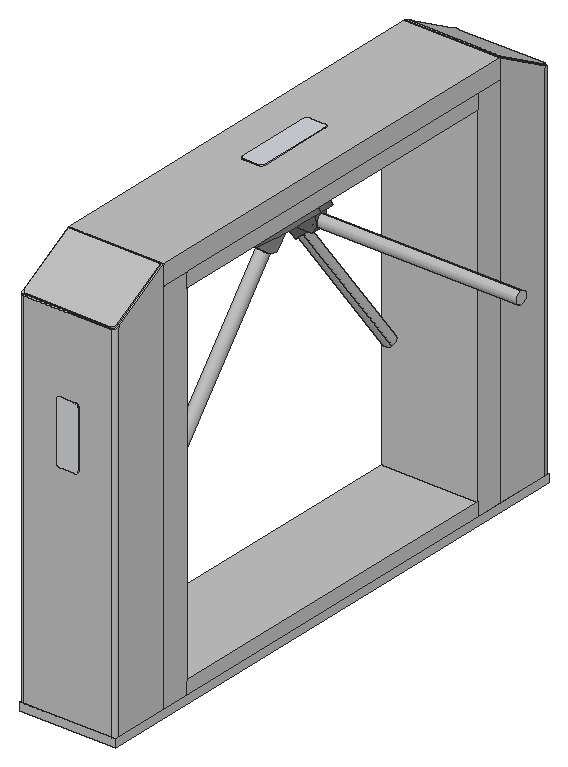
Revit family "ТумбовыйТурникетTTD10AB_Perco", category Оборудование, Revit 2019
Family settings
  Размер круглого соединителя = Использовать диаметр
  Классификация = Нет
  Тип детали = Нормальный
  На основе рабочей плоскости = Нет
  Всегда вертикально = Да
  При загрузке вырезать с полостями = Нет
  Общий = Да
  Точка расчета площади = Нет
Parameters (values of type "TTD10AB C-10R/C-10R")
  Ширина зоны прохода = 560 mm  # constant formula
  Ширина = 1361 mm
  Тип первой крышки = КрышкиТурникетаTTD10AB_Perco : PERCo-C-10R
  Тип второй крышки = КрышкиТурникетаTTD10AB_Perco : PERCo-C-10R
  Температура использования = "от -20 до +55 С"  # constant formula
  Страна производства = "Россия"  # constant formula
  Стойка_Ширина = 160 mm
  Стойка_Срез_Катет = 83.301 mm
  Степень защиты  IP = "IP55"  # constant formula
  Срок службы = "8 лет"  # constant formula
  Средняя наработка на отказ, проходов = "не менее 4 000 000"  # constant formula
  Разработано = "https://3dbim.pro/"
  Пропускная способность = "30 чел/мин"  # constant formula
  Подключение к электросети = "220В"  # constant formula
  Описание = "Нормально открытый электромеханический турникет, предназначен для работы на открытом воздухе (в стандартном варианте исполнения) и внутри помещения"  # constant formula
  Ограждение_Отступ = 550 mm
  Корпус_Срез_Глубина = 29 mm
  Type Comments = ""
  Класс защиты по IEC 61140 = "III"  # constant formula
  Глубина = 240 mm
  Габаритные размеры = "1361×750×1024"  # constant formula
  Высота_лопасть = 895 mm
  Высота = 1024 mm
  t3 = 166 mm
  t2 = 35.6 mm
  t1 = 50 mm
  L2 = 914 mm
  L1 = 1058 mm
  ADSK_Ток = 7 A  # constant formula
  ADSK_Примечание = ""
  ADSK_Позиция [instance] = ""
  ADSK_Номинальная мощность = 84 W  # constant formula
  ADSK_Напряжение = 12 V  # constant formula
  ADSK_Наименование краткое = "TTD-10А"  # constant formula
  ADSK_Наименование = "Тумбовый турникет-трипод со встроенной электроникой управления и автоматическими планками Антипаника PERCo-TTD-10АВ"  # constant formula
  ADSK_Материал = Нержавеющая сталь
  ADSK_Масса = 100  # constant formula
  ADSK_Марка = "PERCo"  # constant formula
  ADSK_Количество = 1  # constant formula
  ADSK_Код изделия = "PERCo-TTD-10АВ"  # constant formula
  ADSK_Классификация нагрузок = Турникет
  ADSK_Завод-изготовитель = "PERCo"  # constant formula
  ADSK_Единица измерения = "шт."  # constant formula
  ADSK_Версия семейства = "2019"  # constant formula
  ADSK_URL страницы изделия = "https://www.perco.ru/products/tumbovyy-turniket-tripod-ttd-10a.php"
Types (8, lengths in mm): name | Тип первой крышки | Тип второй крышки
  TTD10AB C-10B/C-10Q.1 | КрышкиТурникетаTTD10AB_Perco : PERCo-C-10B | КрышкиТурникетаTTD10AB_Perco : PERCo-C-10Q.1
  TTD10AB C-10B/C-10R | КрышкиТурникетаTTD10AB_Perco : PERCo-C-10B | КрышкиТурникетаTTD10AB_Perco : PERCo-C-10R
  TTD10AB C-10Q.1/C-10Q.1 | КрышкиТурникетаTTD10AB_Perco : PERCo-C-10Q.1 | КрышкиТурникетаTTD10AB_Perco : PERCo-C-10Q.1
  TTD10AB C-10Q.1/C-10R | КрышкиТурникетаTTD10AB_Perco : PERCo-C-10Q.1 | КрышкиТурникетаTTD10AB_Perco : PERCo-C-10R
  TTD10AB C-10R/C-10R | КрышкиТурникетаTTD10AB_Perco : PERCo-C-10R | КрышкиТурникетаTTD10AB_Perco : PERCo-C-10R
  TTD10AB C-10C/C-10B | КрышкиТурникетаTTD10AB_Perco : PERCo-C-10С | КрышкиТурникетаTTD10AB_Perco : PERCo-C-10B
  TTD10AB C-10C/C-10Q.1 | КрышкиТурникетаTTD10AB_Perco : PERCo-C-10С | КрышкиТурникетаTTD10AB_Perco : PERCo-C-10Q.1
  TTD10AB C-10C/C-10R | КрышкиТурникетаTTD10AB_Perco : PERCo-C-10С | КрышкиТурникетаTTD10AB_Perco : PERCo-C-10R
Reference planes
  plane 1 "По центру (Вперед/Назад)": y = 0
  plane 2: z = 0
  plane 3 "По центру (Влево/Вправо)": x = 0
  plane 4: x = 120
  plane 5: x = -120
  plane 6: y = 680.5
  plane 7: y = -680.5
  plane 8: z = 1024
  plane 9: z = 974
  plane 10: z = 938.4
  plane 11: z = 772.4
  plane 12: x = -91
  plane 13: x = 670
  plane 14: z = 895
  plane 15: y = 529
  plane 16: y = -529
  plane 17: y = 457
  plane 18: y = -457
  plane 19: through (0, -529, 1024) normal (0, -0.4918, 0.8707)
  plane 20: through (0, 529, 1024) normal (0, -0.4919, -0.8706)
  plane 21: x = 28.058
  plane 22: x = -28.058
  plane 23: x = 16.942
  plane 24: x = -18.058
  plane 25: x = 28.058
  plane 26: x = -28.058
  plane 27: x = 16.942
  plane 28: x = -18.058
  plane 29: z = 742.4
  plane 30: x = 25.558
  plane 31: x = -30.558
  plane 32: x = 14.442
  plane 33: x = -20.558
  plane 34: y = 104.325
  plane 35: y = -104.325
  plane 36: x = 28.058
  plane 37: x = -28.058
  plane 38: z = 583.075
  plane 39: z = 20
  plane 40: z = 54
Forms (mm)
  Extrusion 1, solid, material "Нержавеющая сталь" <- "ADSK_Материал", detail levels medium+fine
    sketch origin (-120, 364.336, 1200) x (0, 1, 0) y (0, 0, -1)
      loop
        line (164.664, 176) -> (164.664, 226) -> (-893.336, 226) -> (-893.336, 176) -> (164.664, 176)
    from 0 to -240
  Extrusion 2, solid, material "Нержавеющая сталь" <- "ADSK_Материал", detail levels medium+fine
    sketch origin (-120, 364.336, 1200) x (0, 1, 0) y (0, 0, -1)
      loop
        line (92.664, 261.6) -> (-821.336, 261.6) -> (-821.336, 226) -> (92.664, 226) -> (92.664, 261.6)
    from 0 to -240
  Extrusion 3, solid, material "Нержавеющая сталь" <- "ADSK_Материал", detail levels medium+fine
    sketch origin (0, -520.5, 591.591) x (0, 0, 1) y (1, 0, 0)
      loop
        line (346.809, -120) -> (346.809, 120) -> (180.809, -91) -> (180.809, -120) -> (346.809, -120)
    from 63.5 to 977.5
  Extrusion 4, solid, material "Нержавеющая сталь" <- "ADSK_Материал", detail levels medium+fine
    sketch origin (0, 0, -198.4) x (1, 0, 0) y (0, 0, 1)
      loop
        line (-120, 1172.4) -> (-120, 218.4) -> (120, 218.4) -> (120, 1172.4) -> (-120, 1172.4)
    from -529 to -457
  Extrusion 5, solid, material "Нержавеющая сталь" <- "ADSK_Материал", detail levels medium+fine
    sketch origin (20, 0, -198.4) x (1, 0, 0) y (0, 0, 1)
      loop
        line (-140, 1172.4) -> (-140, 218.4) -> (100, 218.4) -> (100, 1172.4) -> (-140, 1172.4)
    from 457 to 529
  Extrusion 6, solid, material "Нержавеющая сталь" <- "ADSK_Материал", detail levels medium+fine
    sketch origin (0, 0, 0) x (1, 0, 0) y (0, 1, 0)
      loop
        line (-120, -529) -> (-120, -670.5)
        arc (-120, -670.5) -> (-117.071, -677.571) -> (-110, -680.5) r 10
        line (-110, -680.5) -> (110, -680.5)
        arc (110, -680.5) -> (117.071, -677.571) -> (120, -670.5) r 10
        line (120, -670.5) -> (120, -529) -> (-120, -529)
    from 20 to 1024
  Extrusion 7, solid, material "Нержавеющая сталь" <- "ADSK_Материал", detail levels medium+fine
    sketch origin (0, 1260, 0) x (1, 0, 0) y (0, 1, 0)
      loop
        arc (-110, -579.5) -> (-117.071, -582.429) -> (-120, -589.5) r 10
        line (-120, -589.5) -> (-120, -731) -> (120, -731) -> (120, -589.5)
        arc (120, -589.5) -> (117.071, -582.429) -> (110, -579.5) r 10
        line (110, -579.5) -> (-110, -579.5)
    from 20 to 1024
  Extrusion 8, void
    sketch origin (0, 0, 0) x (0, 1, 0) y (0, 0, 1)
      loop
        line (-529, 1024) -> (-680.5, 1024) -> (-680.5, 938.4) -> (-529, 1024)
    from -120 to 120
  Extrusion 9, void
    sketch origin (0, 0, 0) x (0, 1, 0) y (0, 0, 1)
      loop
        line (529, 1024) -> (680.5, 938.4) -> (680.5, 1024) -> (529, 1024)
    from -120 to 120
  Extrusion 10, solid, detail levels medium+fine
    sketch origin (0, 0, 75.512) x (1, 0, 0) y (0, 0, 1)
      loop
        line (16.942, 666.888) -> (-18.058, 666.888)
        arc (-18.058, 666.888) -> (-25.129, 663.959) -> (-28.058, 656.888) r 10
        line (-28.058, 656.888) -> (-28.058, 517.563)
        arc (-28.058, 517.563) -> (-25.129, 510.492) -> (-18.058, 507.563) r 10
        line (-18.058, 507.563) -> (16.942, 507.563)
        arc (16.942, 507.563) -> (24.802, 510.819) -> (28.058, 518.679) r 11.117
        line (28.058, 518.679) -> (28.058, 655.771)
        arc (28.058, 655.771) -> (24.802, 663.632) -> (16.942, 666.888) r 11.117
    from -682.019 to -680.5
  Extrusion 11, solid, detail levels fine
    sketch origin (0, 0, 86.862) x (1, 0, 0) y (0, 0, 1)
      loop
        line (16.942, 655.538) -> (-18.058, 655.538)
        arc (-18.058, 655.538) -> (-25.129, 652.609) -> (-28.058, 645.538) r 10
        line (-28.058, 645.538) -> (-28.058, 506.213)
        arc (-28.058, 506.213) -> (-25.129, 499.142) -> (-18.058, 496.213) r 10
        line (-18.058, 496.213) -> (16.942, 496.213)
        arc (16.942, 496.213) -> (24.802, 499.469) -> (28.058, 507.329) r 11.117
        line (28.058, 507.329) -> (28.058, 644.421)
        arc (28.058, 644.421) -> (24.802, 652.282) -> (16.942, 655.538) r 11.117
    from 680.5 to 681.67
  Extrusion 12, solid, detail levels medium+fine
    sketch origin (-2.5, 580.063, 1325.111) x (0, -1, 0) y (1, 0, 0)
      loop
        arc (684.388, 19.442) -> (681.132, 27.302) -> (673.271, 30.558) r 11.117
        line (673.271, 30.558) -> (486.854, 30.558)
        arc (486.854, 30.558) -> (478.994, 27.302) -> (475.738, 19.442) r 11.117
        line (475.738, 19.442) -> (475.738, -15.558)
        arc (475.738, -15.558) -> (478.667, -22.629) -> (485.738, -25.558) r 10
        line (485.738, -25.558) -> (674.388, -25.558)
        arc (674.388, -25.558) -> (681.459, -22.629) -> (684.388, -15.558) r 10
        line (684.388, -15.558) -> (684.388, 19.442)
    from -301.111 to -300.111
  Extrusion 13, solid, material "Нержавеющая сталь" <- "ADSK_Материал", detail levels medium+fine
    sketch origin (0, 0, 0) x (0, 1, 0) y (0, 0, 1)
      loop
        line (680.5, 20) -> (-680.5, 20) -> (-680.5, 0) -> (680.5, 0) -> (680.5, 20)
    from -120 to 120
  Extrusion 14, solid, material "Нержавеющая сталь" <- "ADSK_Материал", detail levels medium+fine
    sketch origin (0, 0, 0) x (0, 1, 0) y (0, 0, 1)
      loop
        line (457, 54) -> (-457, 54) -> (-457, 20) -> (457, 20) -> (457, 54)
    from -120 to 120
Cuts and joins
  Extrusion 8 cuts Extrusion 6
  Extrusion 9 cuts Extrusion 7
Dimensions and locks
  equal spacing: plane 5, plane 3 "По центру (Влево/Вправо)", plane 4
  "Глубина": plane 5 to plane 4
  equal spacing: plane 6, plane 1 "По центру (Вперед/Назад)", plane 7
  "Ширина": plane 6 to plane 7
  "Высота": plane 8 to level
  "t1": plane 8 to plane 9
  "t2": plane 9 to plane 10
  "t3": plane 10 to plane 11
  "Корпус_Срез_Глубина": plane 12 to plane 5
  "Ограждение_Отступ": plane 4 to plane 13
  "Высота_лопасть": plane 14 to level
  "L1": plane 15 to plane 16
  equal spacing: plane 16, plane 1 "По центру (Вперед/Назад)", plane 15
  plane 16 to plane 15 = 1058 mm
  equal spacing: plane 18, plane 1 "По центру (Вперед/Назад)", plane 17
  "L2": plane 18 to plane 17
  equal spacing: plane 22, plane 3 "По центру (Влево/Вправо)", plane 21
  plane 22 to plane 21 = 56.117 mm
  plane 26 to plane 25 = 56.117 mm  (x2)
  plane 31 to plane 30 = 56.117 mm  (x2)
  equal spacing: plane 34, plane 1 "По центру (Вперед/Назад)", plane 35
  equal spacing: plane 37, plane 3 "По центру (Влево/Вправо)", plane 36
  plane 40 to plane 39 = 34 mm
  plane 39 to level = 20 mm
  plane 4 to plane 5 = 240 mm
  plane 6 to plane 7 = 1361 mm
  angle Extrusion 3 to plane 11 = 38.1932°
  aligned and locked: level to plane 2
  aligned and locked: Extrusion 1 sketch curve to plane 9
  aligned and locked: plane 10 to Extrusion 2 sketch curve
  aligned and locked: Extrusion 1 to Extrusion 2 sketch curve
  aligned and locked: plane 4 to Extrusion 2
  aligned and locked: plane 4 to Extrusion 1
  aligned and locked: Extrusion 3 sketch curve to plane 10
  aligned and locked: Extrusion 3 sketch curve to plane 11
  aligned and locked: plane 5 to Extrusion 3 sketch curve
  aligned and locked: plane 1 "По центру (Вперед/Назад)" to nested 1
  aligned and locked: plane 1 "По центру (Вперед/Назад)" to nested 2
  aligned and locked: plane 13 to nested 2
  aligned and locked: plane 1 "По центру (Вперед/Назад)" to nested 3
  aligned and locked: plane 3 "По центру (Влево/Вправо)" to nested 3
  aligned and locked: Extrusion 1 to plane 15
  aligned and locked: plane 16 to Extrusion 1
  aligned and locked: Extrusion 3 to plane 17
  aligned and locked: plane 18 to Extrusion 3
  aligned and locked: Extrusion 2 to Extrusion 3
  aligned and locked: Extrusion 3 to Extrusion 2
  aligned and locked: Extrusion 1 to Extrusion 4
  aligned and locked: plane 9 to Extrusion 4
  aligned and locked: Extrusion 5 to Extrusion 2
  aligned and locked: plane 5 to Extrusion 5
  aligned and locked: plane 4 to Extrusion 5
  aligned and locked: Extrusion 7 to Extrusion 1
  aligned and locked: plane 6 to Extrusion 7
  aligned and locked: plane 5 to Extrusion 9
  aligned and locked: plane 4 to Extrusion 9
  aligned and locked: nested 5 to plane 19
  aligned and locked: plane 3 "По центру (Влево/Вправо)" to nested 5
  aligned and locked: plane 3 "По центру (Влево/Вправо)" to nested 6
  aligned and locked: plane 20 to nested 6
  aligned and locked: Extrusion 10 to plane 6
  aligned and locked: plane 29 to Extrusion 10  (x2)
  aligned and locked: Extrusion 12 to plane 8
  aligned and locked: plane 34 to Extrusion 12
  aligned and locked: Extrusion 12 to plane 35
  aligned and locked: Extrusion 10 to plane 36
  aligned and locked: plane 37 to Extrusion 10
  aligned and locked: Extrusion 10 to plane 38
  aligned and locked: plane 29 to Extrusion 11
  aligned and locked: Extrusion 11 to plane 38
  aligned and locked: Extrusion 11 to plane 36
  aligned and locked: plane 37 to Extrusion 11
  aligned and locked: plane 37 to Extrusion 12
  aligned and locked: Extrusion 12 to plane 36
  aligned and locked: plane 5 to Extrusion 1
  aligned and locked: Extrusion 1 to Extrusion 2
  aligned and locked: plane 4 to Extrusion 8
  aligned and locked: plane 5 to Extrusion 8
  aligned and locked: plane 7 to Extrusion 8
  aligned and locked: plane 4 to Extrusion 7
  aligned and locked: Extrusion 9 to Extrusion 7
  aligned and locked: plane 5 to Extrusion 7
  aligned and locked: Extrusion 4 to Extrusion 2
  aligned and locked: plane 5 to Extrusion 4
  aligned and locked: Extrusion 4 to plane 15
  aligned and locked: plane 4 to Extrusion 4
  aligned and locked: plane 7 to Extrusion 6
  aligned and locked: plane 5 to Extrusion 6
  aligned and locked: Extrusion 6 to Extrusion 1
  aligned and locked: plane 4 to Extrusion 6
  aligned and locked: Extrusion 2 to plane 10
  aligned and locked: plane 39 to Extrusion 13
  aligned and locked: Extrusion 13 to level
  aligned and locked: plane 6 to Extrusion 13
  aligned and locked: plane 7 to Extrusion 13
  aligned and locked: Extrusion 7 to Extrusion 13
  aligned and locked: cut or joined group of Extrusion 7, Extrusion 9 to Extrusion 4
  aligned and locked: Extrusion 6 to Extrusion 13
  aligned and locked: Extrusion 5 to cut or joined group of Extrusion 6, Extrusion 8
  aligned and locked: plane 5 to Extrusion 14
  aligned and locked: plane 4 to Extrusion 14
  aligned and locked: plane 5 to Extrusion 13
  aligned and locked: plane 4 to Extrusion 13
Automatic sketch dimensions
  Extrusion 1 sketch curve to plane 8 = 0 mm
  Extrusion 1 sketch curve to plane 16 = 0 mm
  Extrusion 1 sketch curve to plane 15 = 0 mm
  Extrusion 2 sketch curve to plane 18 = 0 mm
  Extrusion 2 sketch curve to plane 17 = 0 mm
  Extrusion 3 sketch curve to plane 4 = 0 mm
  Extrusion 3 sketch curve to plane 12 = 0 mm
  level to Extrusion 4 sketch curve = 20 mm
  plane 5 to Extrusion 4 sketch curve = 0 mm
  plane 4 to Extrusion 4 sketch curve = 0 mm
  Extrusion 4 sketch curve to plane 9 = 0 mm
  level to Extrusion 5 sketch curve = 20 mm
  plane 5 to Extrusion 5 sketch curve = 0 mm
  plane 4 to Extrusion 5 sketch curve = 0 mm
  Extrusion 5 sketch curve to plane 9 = 0 mm
  Extrusion 6 sketch curve to plane 5 = 0 mm
  plane 7 to Extrusion 6 sketch curve = 0 mm
  plane 4 to Extrusion 6 sketch curve = 0 mm
  plane 16 to Extrusion 6 sketch curve = 0 mm
  Extrusion 6 sketch curve to plane 5 = 10 mm
  Extrusion 6 sketch curve to plane 4 = 10 mm
  Extrusion 7 sketch curve to plane 5 = 0 mm
  plane 6 to Extrusion 7 sketch curve = 0 mm
  plane 4 to Extrusion 7 sketch curve = 0 mm
  plane 15 to Extrusion 7 sketch curve = 0 mm
  Extrusion 7 sketch curve to plane 5 = 10 mm
  Extrusion 7 sketch curve to Extrusion 7 sketch curve = 10 mm
  Extrusion 8 sketch curve to plane 7 = 0 mm
  Extrusion 8 sketch curve to plane 8 = 0 mm
  Extrusion 8 sketch curve to plane 16 = 0 mm
  Extrusion 8 sketch curve to plane 10 = 0 mm
  Extrusion 9 sketch curve to plane 8 = 0 mm
  Extrusion 9 sketch curve to plane 15 = 0 mm
  Extrusion 9 sketch curve to plane 6 = 0 mm
  Extrusion 9 sketch curve to plane 10 = 0 mm
  plane 22 to Extrusion 10 sketch curve = 0 mm
  plane 24 to Extrusion 10 sketch curve = 0 mm
  Extrusion 10 sketch curve to plane 24 = 0 mm
  plane 23 to Extrusion 10 sketch curve = 0 mm  (x2)
  plane 21 to Extrusion 10 sketch curve = 0 mm
  Extrusion 10 sketch curve to plane 29 = 0 mm
  Extrusion 10 sketch curve to Extrusion 10 sketch curve = 137.092 mm
  plane 26 to Extrusion 11 sketch curve = 0 mm
  plane 28 to Extrusion 11 sketch curve = 0 mm
  Extrusion 11 sketch curve to plane 28 = 0 mm
  plane 27 to Extrusion 11 sketch curve = 0 mm  (x2)
  plane 25 to Extrusion 11 sketch curve = 0 mm
  Extrusion 11 sketch curve to plane 29 = 159.325 mm
  Extrusion 11 sketch curve to plane 29 = 11.117 mm
  Extrusion 12 sketch curve to plane 33 = 2.5 mm  (x2)
  Extrusion 12 sketch curve to plane 32 = 2.5 mm  (x2)
  Extrusion 12 sketch curve to plane 31 = 2.5 mm
  Extrusion 12 sketch curve to plane 30 = 2.5 mm
  plane 17 to Extrusion 12 sketch curve = 352.675 mm
  Extrusion 12 sketch curve to Extrusion 12 sketch curve = 186.417 mm
  plane 18 to Extrusion 13 sketch curve = 223.5 mm
  Extrusion 13 sketch curve to plane 17 = 223.5 mm
  Extrusion 13 sketch curve to level = 0 mm
  level to Extrusion 13 sketch curve = 20 mm
  Extrusion 14 sketch curve to plane 18 = 0 mm
  Extrusion 14 sketch curve to plane 17 = 0 mm
  Extrusion 14 sketch curve to plane 39 = 0 mm
  Extrusion 14 sketch curve to plane 40 = 0 mm
Nested families
  nested 1: "Вл_Лопасти" at (14.5, 0, 855.4) x (-0.7859, 0, -0.6183) z (0.6183, 0, -0.7859), type "Вл_Лопасти", detail levels medium+fine
  nested 2: "Вл_Ограждение" at (670, 0, 0), type "Вл_Ограждение", detail levels medium+fine
  nested 3: "Вл_2D_УГО_TTD10AB" at (0, 0, 0), type "Вл_2D_УГО_TTD10AB"
  nested 4: "Вл_Ограждение" at (817.698, 212.5, 0), type "Вл_Ограждение"
  nested 5: "КрышкиТурникетаTTD10AB_Perco" at (0, -604.757, 981.213) x (1, 0, 0) z (0, -0.4918, 0.8707), type <- "Тип первой крышки", type "PERCo-C-10R", detail levels medium+fine
  nested 6: "КрышкиТурникетаTTD10AB_Perco" at (0, 606.226, 980.366) x (-1, 0, 0) z (0, 0.4919, 0.8706), type <- "Тип второй крышки", type "PERCo-C-10R", detail levels medium+fine
Connectors
  electrical at (0, -626.667, 20), driven by "ADSK_Напряжение", driven by "ADSK_Классификация нагрузок", driven by "ADSK_Номинальная мощность"
    settings: on cut or joined group of Extrusion 6, Extrusion 8, index 1, voltage 12 V, apparent load 0 VA, apparent load phase1 84 VA, apparent load phase2 0 VA, apparent load phase3 0 VA, power factor 1, load classification "Турникет", number of poles 1, system type 31, power factor state 1, is connector primary yes, connector utility yes, sub classification motor no, connector description ""
Definition of nested family "Вл_Лопасти"
  Parameters (values of type "Вл_Лопасти")
    Угол = 52.00°
    Default Elevation = 1219.2 mm
    Материал_Крепежа = none
    Материал = none
    Лопасти_Положение = 15 mm
    Лопасти_Отступ = 60 mm
    Лопасти_Длина = 500 mm
    Лопасти_D = 30 mm
    Крутилка_R = 44.5 mm
    Высота_крутилки = 15 mm
    3_Лопасти = yes
  Reference planes
    plane 1 "По центру (Вперед/Назад)": y = 0
    plane 2: z = 0
    plane 3 "По центру (Влево/Вправо)": x = 0
    plane 4: z = 15
    plane 5: z = 15
    plane 6: x = -60
    plane 7: through (0, 0, 1200) normal (-0.766, 0.6428, 0)
    plane 8: through (496.515, -591.724, 1200) normal (-0.766, -0.6428, 0)
    plane 9: x = 45
  Forms (mm)
    Sweep 1, solid, material <- "Материал"
      path in 3D
        loop
          line (-60, 0, 15) -> (-473.706, 0, 338.222)
      profile origin (-266.853, 0, 176.611) x (-0.615661, 0, -0.788011) y (0, -1, 0)
        loop
          circle (0, 0) r 15
    Extrusion 2, solid, material <- "Материал_Крепежа"
      sketch origin (0, 0, 0) x (1, 0, 0) y (0, 1, 0)
        loop
          circle (0, 0) r 87
      from 0 to 15
    Sweep 3, solid, material <- "Материал"
      path in 3D
        loop
          line (39.834, 47.472, 16.539) -> (293.095, 349.297, 324.37)
      profile origin (166.464, 198.385, 170.455) x (-0.39574, -0.471624, 0.788011) y (0.766044, -0.642788, 0)
        loop
          circle (0, 0) r 15
    Sweep 4, solid, material <- "Материал"
      path in 3D
        loop
          line (39.834, -47.472, 16.539) -> (293.095, -349.297, 324.37)
      profile origin (166.464, -198.385, 170.455) x (-0.39574, 0.471624, 0.788011) y (-0.766044, -0.642788, 0)
        loop
          circle (0, 0) r 15
    Extrusion 5, solid, material <- "Материал_Крепежа"
      sketch origin (0, 0, 0) x (1, 0, 0) y (0, 0, 1)
        loop
          line (-87, 15) -> (-16.834, 15) -> (-50.585, 41.369)
          arc (-50.585, 41.369) -> (-64.544, 40.092) -> (-75.528, 31.383) r 24.547
          line (-75.528, 31.383) -> (-87, 15)
      from -15.255 to 15.45
    Extrusion 6, solid, material <- "Материал_Крепежа"
      sketch origin (0, 0, 0) x (-0.642788, -0.766044, 0) y (0, 0, -1)
        loop
          line (-87, -15) -> (-75.528, -31.383)
          arc (-75.528, -31.383) -> (-64.544, -40.092) -> (-50.585, -41.369) r 24.547
          line (-50.585, -41.369) -> (-16.834, -15) -> (-87, -15)
      from -15.255 to 15.45
    Extrusion 7, solid, material <- "Материал_Крепежа"
      sketch origin (0, 0, 0) x (-0.642788, 0.766044, 0) y (0, 0, -1)
        loop
          line (-87, -15) -> (-75.528, -31.383)
          arc (-75.528, -31.383) -> (-64.544, -40.092) -> (-50.585, -41.369) r 24.547
          line (-50.585, -41.369) -> (-16.834, -15) -> (-87, -15)
      from -15.255 to 15.45
  Lines and regions (mm)
    reference lines
      curve 1: line (-60, 0, 15) -> (-505.226, 0, 362.849)
    sketch lines
      curve 2: line (-60, 0, 15) -> (-473.706, 0, 338.222)
      curve 3: line (39.834, 47.472, 16.539) -> (293.095, 349.297, 324.37)
      curve 4: line (39.834, -47.472, 16.539) -> (293.095, -349.297, 324.37)
  Dimensions and locks
    "Лопасти_Положение": plane 4 to level
    "Высота_крутилки": plane 5 to level
    "Лопасти_Отступ": plane 3 "По центру (Влево/Вправо)" to plane 6
    plane 3 "По центру (Влево/Вправо)" to plane 9 = 45 mm
    plane 6 to plane 3 "По центру (Влево/Вправо)" = 60 mm
    "Лопасти_D": diameter of Sweep 1 sketch curve
    diameter of Extrusion 2 sketch curve = 174 mm
    "Лопасти_D": diameter of Sweep 3 sketch curve
    "Лопасти_D": diameter of Sweep 4 sketch curve
    "Угол": angle plane 6 to curve 1
    angle plane 1 "По центру (Вперед/Назад)" to plane 7 = 50.00°
    angle plane 8 to plane 1 "По центру (Вперед/Назад)" = 50.00°
    aligned and locked: level to plane 2
    aligned and locked: plane 4 to Extrusion 2
  Automatic sketch dimensions
    plane 1 "По центру (Вперед/Назад)" to Extrusion 2 sketch curve = 0 mm
    Extrusion 2 sketch curve to plane 3 "По центру (Влево/Вправо)" = 0 mm
    Extrusion 5 sketch curve to plane 4 = 0 mm
    plane 6 to Extrusion 5 sketch curve = 27 mm
    plane 6 to Extrusion 5 sketch curve = 15.528 mm
    plane 4 to Extrusion 5 sketch curve = 2.304 mm
    Extrusion 5 sketch curve to plane 6 = 4.579 mm
    Extrusion 5 sketch curve to plane 6 = 9.415 mm
    Extrusion 5 sketch curve to plane 3 "По центру (Влево/Вправо)" = 16.834 mm
    plane 4 to Extrusion 5 sketch curve = 16.383 mm
    Extrusion 6 sketch curve to plane 4 = 0 mm
    plane 4 to Extrusion 6 sketch curve = 16.383 mm
    Extrusion 6 sketch curve to Extrusion 6 sketch curve = 11.472 mm
    plane 4 to Extrusion 6 sketch curve = 2.304 mm
    Extrusion 6 sketch curve to Extrusion 6 sketch curve = 20.108 mm
    plane 4 to Extrusion 6 sketch curve = 26.369 mm
    Extrusion 6 sketch curve to Extrusion 6 sketch curve = 38.587 mm
    Extrusion 7 sketch curve to plane 4 = 0 mm
    plane 4 to Extrusion 7 sketch curve = 16.383 mm
    Extrusion 7 sketch curve to Extrusion 7 sketch curve = 11.472 mm
    plane 4 to Extrusion 7 sketch curve = 2.304 mm
    Extrusion 7 sketch curve to Extrusion 7 sketch curve = 20.108 mm
    plane 4 to Extrusion 7 sketch curve = 26.369 mm
    Extrusion 7 sketch curve to Extrusion 7 sketch curve = 38.587 mm
    curve 1 to plane 4 = 0 mm
    plane 6 to curve 1 = 0 mm
    Sweep 1 sketch curve to profile plane = 0 mm
    profile plane to Sweep 1 sketch curve = 0 mm
    Sweep 3 sketch curve to profile plane = 0 mm
    profile plane to Sweep 3 sketch curve = 0 mm
    profile plane to Sweep 4 sketch curve = 0 mm  (x2)
Definition of nested family "КрышкиТурникетаTTD10AB_Perco"
  Parameters (values of type "PERCo-C-10С")
    Температура использования/ = "от -20 до +55"
    Страна производства = "Россия"  # constant formula
    Степень защиты  IP = "IP41"
    Срок службы = "8 лет"  # constant formula
    Description = "Крышка для приема гостевых карт"
    Габаритные размеры = "160×224"  # constant formula
    L2 = 230 mm
    L1 = 168 mm
    ADSK_Ток = 0 A
    ADSK_Позиция = ""
    ADSK_Обозначение = ""
    ADSK_Напряжение = 0 V
    ADSK_Наименование краткое = "C-10С"
    ADSK_Наименование = "Крышка PERCo-C-10С для приема гостевых карт"
    ADSK_Материал = none
    ADSK_Масса = 0
    ADSK_Марка = "PERCo"  # constant formula
    ADSK_Количество = 0
    ADSK_Код изделия = "PERCo-C-10С"
    ADSK_Завод-изготовитель = "PERCo"  # constant formula
    ADSK_Единица измерения = "шт."  # constant formula
    ADSK_Версия семейства = "2019"  # constant formula
    ADSK_URL страницы изделия = "https://www.perco.ru/products/tumbovyy-turniket-tripod-ttd-10a.php"
    10R [instance] = no
    10Q [instance] = no
    10C [instance] = yes
    10B [instance] = no
  Types (4, lengths in mm): name | Температура использования/ | Степень защиты  IP | Description | ADSK_Наименование краткое | ADSK_Наименование | ADSK_Код изделия | 10R | 10Q | 10C | 10B
    PERCo-C-10B | "от -20 до +55" | "нет данных" | "Глухая крышка" | "C-10B" | "Крышка PERCo-C-10B глухая" | "PERCo-C-10B " | no | no | no | yes
    PERCo-C-10С | "от -20 до +55" | "IP41" | "Крышка для приема гостевых карт" | "C-10С" | "Крышка PERCo-C-10С для приема гостевых карт" | "PERCo-C-10С" | no | no | yes | no
    PERCo-C-10R | "от +1 до +55 С" | "нет данных" | "Крышка для установки встроенного RFID-считывателя" | "C-10R" | "Крышка PERCo-C-10R для установки встроенного RFID-считывателя" | "PERCo-C-10R" | yes | no | no | no
    PERCo-C-10Q.1 | "от -20 до +55" | "нет данных" | "Крышка со сканером штрих-кода" | "C-10Q.1" | "Крышка PERCo-C-10Q.1 со сканером штрих-кода" | "PERCo-C-10Q.1" | no | yes | no | no
  Reference planes
    plane 1 "По центру (Вперед/Назад)": y = 0
    plane 2: z = 0
    plane 3 "По центру (Влево/Вправо)": x = 0
    plane 4: x = -115
    plane 5: x = 115
    plane 6: y = 84
    plane 7: y = -84
    plane 8 "123": z = 3
    plane 9: x = -10.384
    plane 10: x = 10.384
  Forms (mm)
    Extrusion 1, solid, material <- "ADSK_Материал"
      sketch origin (0, 0, 0) x (1, 0, 0) y (0, 1, 0)
        loop
          line (-115, 84) -> (-115, -74)
          arc (-115, -74) -> (-112.071, -81.071) -> (-105, -84) r 10
          line (-105, -84) -> (105, -84)
          arc (105, -84) -> (112.071, -81.071) -> (115, -74) r 10
          line (115, -74) -> (115, 84) -> (-115, 84)
      from 0 to 3
  Lines and regions (mm)
    model lines, visible <- "10R"
      curve 1: circle (0, 0, 3) r 40 normal (0, 0, 1)
      curve 2: line (0, 40, 3) -> (0, -40, 3)
    model lines, visible <- "10Q"
      curve 3: line (-30.384, 26.016, 3) -> (30.24, 26.016, 3)
      curve 4: line (-30.384, -26.183, 3) -> (-30.384, 26.016, 3)
      curve 5: line (30.24, -26.183, 3) -> (-30.384, -26.183, 3)
      curve 6: line (30.24, 26.016, 3) -> (30.24, -26.183, 3)
    model lines, visible <- "10C"
      curve 7: line (-30.384, -41.183, 3) -> (-10.384, -41.183, 3)
      curve 8: line (-30.384, -41.183, 3) -> (-30.384, -51.183, 3)
      curve 9: line (-30.384, -51.183, 3) -> (-10.384, -51.183, 3)
      curve 10: line (10.384, -41.183, 3) -> (30.24, -41.183, 3)
      curve 11: line (30.24, -51.183, 3) -> (10.384, -51.183, 3)
      curve 12: arc (-10.384, -41.183, 3) -> (0, -34.971, 3) -> (10.384, -41.183, 3) r 11.784
      curve 13: arc (-10.384, -51.183, 3) -> (0, -57.378, 3) -> (10.384, -51.183, 3) r 11.8
      curve 14: line (30.24, -41.183, 3) -> (30.24, -51.183, 3)
  Dimensions and locks
    equal spacing: plane 4, plane 3 "По центру (Влево/Вправо)", plane 5
    equal spacing: plane 6, plane 1 "По центру (Вперед/Назад)", plane 7
    "L2": plane 4 to plane 5
    "L1": plane 6 to plane 7
    level to plane 8 "123" = 3 mm
    equal spacing: plane 9, plane 3 "По центру (Влево/Вправо)", plane 10
    aligned and locked: level to plane 2
    aligned and locked: plane 8 "123" to Extrusion 1
    aligned and locked: plane 10 to curve 11
  Automatic sketch dimensions
    Extrusion 1 sketch curve to plane 4 = 0 mm
    Extrusion 1 sketch curve to plane 7 = 0 mm
    Extrusion 1 sketch curve to plane 5 = 0 mm
    Extrusion 1 sketch curve to plane 6 = 0 mm
    Extrusion 1 sketch curve to Extrusion 1 sketch curve = 10 mm  (x2)
    curve 7 to plane 9 = 0 mm
    curve 9 to plane 9 = 0 mm
    curve 2 to plane 3 "По центру (Влево/Вправо)" = 0 mm
    plane 1 "По центру (Вперед/Назад)" to curve 1 = 0 mm
    curve 1 to plane 3 "По центру (Влево/Вправо)" = 0 mm
    curve 13 to plane 3 "По центру (Влево/Вправо)" = 0 mm
    curve 12 to plane 3 "По центру (Влево/Вправо)" = 0 mm
    curve 10 to plane 10 = 0 mm
    curve 5 to plane 9 = 20 mm
    curve 7 to curve 4 = 0 mm
    plane 10 to curve 6 = 19.856 mm
    plane 1 "По центру (Вперед/Назад)" to curve 5 = 26.183 mm
    curve 10 to curve 2 = 1.183 mm
    curve 13 to curve 2 = 5.578 mm
    curve 12 to curve 13 = 1.178 mm
    curve 9 to curve 7 = 10 mm
    curve 11 to curve 11 = 19.856 mm
Definition of nested family "Вл_Ограждение"
  Parameters (values of type "FP_Modul_Cross2_3_Ограждение")
    Ограждение_Ширина = 1160.11 mm
    Ограждение_Высота = 1000 mm
    Ограждение_R_Скругления = 150 mm
    Ограждение_D = 40 mm
    Ограждение = yes
    Нога_Высота_Подошва = 20 mm
    Нога_Высота = 50 mm
    Нога_R_Подошва = 75 mm
    Нога_R_Верх = 30 mm
    Материал = none
  Reference planes
    plane 1 "По центру (Вперед/Назад)": y = 0
    plane 2: z = 0
    plane 3 "По центру (Влево/Вправо)": x = 0
    plane 4: z = 50
    plane 5: z = 1000
    plane 6: z = 980
    plane 7: z = 960
    plane 8: y = 580.055
    plane 9: y = -580.055
  Forms (mm)
    Revolve 1, solid, material <- "Материал", visible <- "Ограждение"
      sketch origin (106.5, 580.055, 1200) x (-1, 0, 0) y (0, 0, 1)
        loop
          line (106.5, -1150) -> (76.5, -1150) -> (31.5, -1180) -> (31.5, -1200) -> (106.5, -1200) -> (106.5, -1150)
        axis (106.5, -1150) -> (106.5, -1200)
      angle from 0 to 360
    Revolve 2, solid, material <- "Материал", visible <- "Ограждение"
      sketch origin (106.5, -580.055, 1200) x (-1, 0, 0) y (0, 0, 1)
        loop
          line (106.5, -1150) -> (76.5, -1150) -> (31.5, -1180) -> (31.5, -1200) -> (106.5, -1200) -> (106.5, -1150)
        axis (106.5, -1150) -> (106.5, -1200)
      angle from 0 to 360
    Sweep 3, solid, material <- "Материал", visible <- "Ограждение"
      path in 3D
        loop
          line (0, 580.055, 50) -> (0, 580.055, 830)
          arc (0, 580.055, 830) -> (0, 536.121, 936.066) -> (0, 430.055, 980) r 150
          line (0, 430.055, 980) -> (0, -430.055, 980)
          arc (0, -430.055, 980) -> (0, -536.121, 936.066) -> (0, -580.055, 830) r 150
          line (0, -580.055, 830) -> (0, -580.055, 50)
      profile origin (0, 580.055, 440) x (0, -1, 0) y (1, 0, 0)
        loop
          circle (0, 0) r 20
  Lines and regions (mm)
    reference lines
      curve 1: line (0, 430.055, 980) -> (0, -430.055, 980)
      curve 2: line (0, 580.055, 50) -> (0, 580.055, 830)
      curve 3: line (0, -580.055, 830) -> (0, -580.055, 50)
      curve 4: arc (0, 580.055, 830) -> (0, 536.121, 936.066) -> (0, 430.055, 980) r 150
      curve 5: arc (0, -430.055, 980) -> (0, -536.121, 936.066) -> (0, -580.055, 830) r 150
    sketch lines
      curve 6: line (0, 580.055, 50) -> (0, 580.055, 830)
      curve 7: arc (0, 580.055, 830) -> (0, 536.121, 936.066) -> (0, 430.055, 980) r 150
      curve 8: line (0, 430.055, 980) -> (0, -430.055, 980)
      curve 9: arc (0, -430.055, 980) -> (0, -536.121, 936.066) -> (0, -580.055, 830) r 150
      curve 10: line (0, -580.055, 830) -> (0, -580.055, 50)
  Dimensions and locks
    "Ограждение_Высота": plane 5 to level
    "Нога_Высота": plane 4 to level
    equal spacing: plane 5, plane 6, plane 7
    "Ограждение_D": plane 5 to plane 7
    equal spacing: plane 8, plane 1 "По центру (Вперед/Назад)", plane 9
    "Ограждение_Ширина": plane 8 to plane 9
    "Нога_R_Верх": Revolve 2 sketch curve to plane 3 "По центру (Влево/Вправо)"
    "Нога_R_Подошва": Revolve 2 sketch curve to plane 3 "По центру (Влево/Вправо)"
    "Нога_Высота_Подошва": Revolve 2 sketch curve to level
    "Нога_R_Верх": Revolve 1 sketch curve to plane 3 "По центру (Влево/Вправо)"
    "Нога_R_Подошва": Revolve 1 sketch curve to plane 3 "По центру (Влево/Вправо)"
    "Нога_Высота_Подошва": Revolve 1 sketch curve to level
    "Ограждение_R_Скругления": radius of curve 5
    "Ограждение_R_Скругления": radius of curve 4
    "Ограждение_D": diameter of Sweep 3 sketch curve
    aligned and locked: level to plane 2
    aligned and locked: plane 6 to curve 1
    aligned and locked: plane 8 to curve 2
    aligned and locked: curve 3 to Revolve 2
  Automatic sketch dimensions
    Revolve 1 sketch curve to level = 0 mm
    Revolve 1 sketch curve to plane 3 "По центру (Влево/Вправо)" = 0 mm  (x2)
    Revolve 1 sketch curve to plane 4 = 0 mm
    plane 4 to Revolve 1 sketch curve = 30 mm
    Revolve 1 sketch curve to Revolve 1 sketch curve = 20 mm
    Revolve 2 sketch curve to level = 0 mm
    Revolve 2 sketch curve to plane 3 "По центру (Влево/Вправо)" = 0 mm  (x2)
    Revolve 2 sketch curve to plane 4 = 0 mm
    plane 4 to Revolve 2 sketch curve = 30 mm
    Revolve 2 sketch curve to Revolve 2 sketch curve = 20 mm
    curve 3 to plane 4 = 0 mm
    curve 3 to plane 9 = 0 mm
    curve 2 to plane 4 = 0 mm
    Sweep 3 sketch curve to profile plane = 0 mm  (x2)
Definition of nested family "Вл_2D_УГО_TTD10AB"
  Reference planes
    plane 1 "По центру (Вперед/Назад)": y = 0
    plane 2: z = 0
    plane 3 "По центру (Влево/Вправо)": x = 0
  Lines and regions (mm)
    symbolic lines, detail levels coarse
      curve 1: line (-139.732, 610.917, 0) -> (140, 610.917, 0)
      curve 2: line (-139.732, -609.335, 0) -> (-139.732, 610.917, 0)
      curve 3: line (140, -609.335, 0) -> (-139.732, -609.335, 0)
      curve 4: line (140, 610.917, 0) -> (140, -609.335, 0)
      curve 5: line (140, 17.5, 0) -> (650.347, 17.5, 0)
      curve 6: line (140, -17.5, 0) -> (140, 17.5, 0)
      curve 7: line (650.347, -17.5, 0) -> (140, -17.5, 0)
      curve 8: line (650.347, 17.5, 0) -> (650.347, -17.5, 0)
      curve 9: line (690.497, -506.215, 0) -> (690.497, 506.106, 0)
      curve 10: line (730.497, 506.106, 0) -> (730.497, -506.215, 0)
      curve 11: arc (690.497, -506.215, 0) -> (710.497, -656.555, 0) -> (730.497, -506.215, 0) r 76.5
      curve 12: arc (730.497, 506.106, 0) -> (710.497, 656.445, 0) -> (690.497, 506.106, 0) r 76.5
      curve 13: line (446.169, 298.463, 0) -> (446.169, 473.537, 0)
      curve 14: line (446.169, 473.537, 0) -> (366.169, 473.537, 0)
      curve 15: line (366.169, 473.537, 0) -> (366.169, 298.463, 0)
      curve 16: line (366.169, 298.463, 0) -> (326.169, 298.463, 0)
      curve 17: line (326.169, 298.463, 0) -> (406.169, 218.463, 0)
      curve 18: line (406.169, 218.463, 0) -> (486.169, 298.463, 0)
      curve 19: line (486.169, 298.463, 0) -> (446.169, 298.463, 0)
      curve 20: line (446.169, -298.463, 0) -> (446.169, -473.537, 0)
      curve 21: line (446.169, -473.537, 0) -> (366.169, -473.537, 0)
      curve 22: line (366.169, -473.537, 0) -> (366.169, -298.463, 0)
      curve 23: line (366.169, -298.463, 0) -> (326.169, -298.463, 0)
      curve 24: line (326.169, -298.463, 0) -> (406.169, -218.463, 0)
      curve 25: line (406.169, -218.463, 0) -> (486.169, -298.463, 0)
      curve 26: line (486.169, -298.463, 0) -> (446.169, -298.463, 0)
  Dimensions and locks
    aligned and locked: level to plane 2
